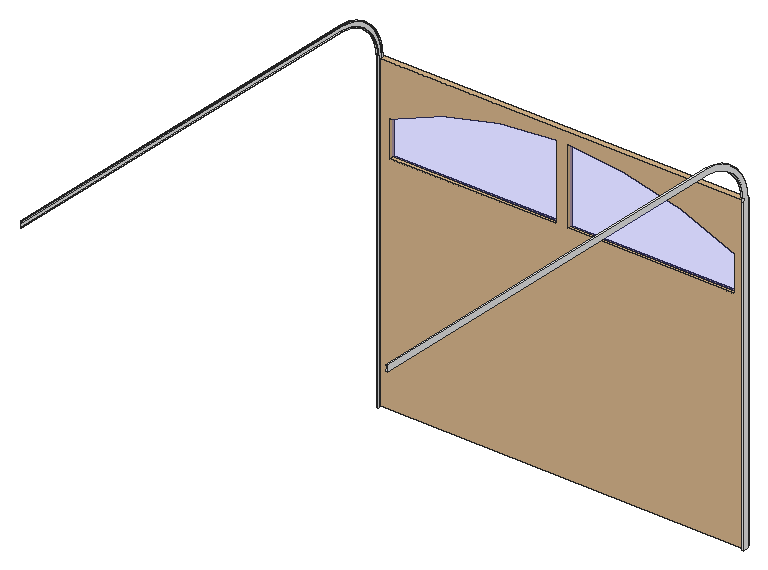
Revit family
Parameters (values of type "7Ft H x 8Ft W")
  Track Width = Width + 0' 2"  # 8' - 2"
  Track Height = Height + 1' 0"  # 8' - 0"
  Track Depth = 10' - 0"
  Track = Metal
  SmartBIM Object Version = 1  # constant formula
  SmartBIM Object Created By = "Reed Construction Data"  # constant formula
  Rough Width = 0' - 0"
  Rough Height = 0' - 0"
  Panel Thickness = 0' - 1 1/2"
  Manufacturer = ""
  Height = 7' - 0"
  Wall Closure = (empty or 0)
  Width = 8' - 0"
  Door Glass = Glass
  Door = Wood
  95 CSI = "08360"  # constant formula
  04 CSI = "08 36 13"  # constant formula
Types (3): name | Track Width | Width
  (no name) | 8' - 2" | 8' - 0"
  7Ft H x 8Ft W | 8' - 2" | 8' - 0"
  7Ft H x 16Ft W | 16' - 2" | 16' - 0"
Reference planes (in)
  plane 1 "Center (Front/Back)": y = 0
  plane 2 "Center (Left/Right)": x = 0
  plane 3 "Left": x = -48
  plane 4 "Right": x = 48
  plane 5 "Top": z = 84
  plane 6: x = -49
  plane 7: x = 49
  plane 8: y = -3.25
  plane 9: z = 60.75
  plane 10: z = 20.25
  plane 11: z = 40.5
  plane 12: z = 81
  plane 13: y = -2.5
  plane 14 "Ext": y = -3.25
  plane 15: y = -2.5
  plane 16 "Int": y = -1.75
  plane 17: x = 1.5
  plane 18: y = -2.5
Forms (in)
  Extrusion 1, solid, material "Wood" <- "Door"
    sketch origin (0, 0, 0) x (1, 0, 0) y (0, 0, 1)
      loop
        line (-49, 84) -> (-49, 0) -> (49, 0) -> (49, 84) -> (-49, 84)
      loop
        line (46.5, 60.75) -> (46.5, 70.375)
        arc (46.5, 70.375) -> (24.58094, 78.14796) -> (1.5, 81) r 106.97008
        line (1.5, 81) -> (1.5, 60.75) -> (46.5, 60.75)
      loop
        line (-46.5, 70.375) -> (-46.5, 60.75) -> (-1.5, 60.75) -> (-1.5, 81)
        arc (-1.5, 81) -> (-24.58094, 78.14796) -> (-46.5, 70.375) r 106.97008
    from 1.75 to 3.25
  Extrusion 2, solid, material "Glass" <- "Door Glass"
    sketch origin (0, -3.25, 0) x (1, 0, 0) y (0, 0, 1)
      loop
        line (-46.5, 70.375) -> (-46.5, 60.75) -> (-1.5, 60.75) -> (-1.5, 81)
        arc (-1.5, 81) -> (-24.58094, 78.14796) -> (-46.5, 70.375) r 106.97008
      loop
        line (1.5, 81) -> (1.5, 60.75) -> (46.5, 60.75) -> (46.5, 70.375)
        arc (46.5, 70.375) -> (24.58094, 78.14796) -> (1.5, 81) r 106.97008
    from -0.875 to -0.625
Lines and regions (in)
  Opening 1
    outline origin (-90, -1.75, 0) x (1, 0, 0) y (0, 0, 1)
      loop
        line (42, 0) -> (138, 0) -> (138, 84) -> (42, 84) -> (42, 0)
  model lines
    curve 1: line (1.5, -3.25, 42) -> (46.5, -3.25, 42)
    curve 2: line (46.5, -3.25, 42) -> (46.5, -3.25, 59.25)
    curve 3: line (46.5, -3.25, 59.25) -> (1.5, -3.25, 59.25)
    curve 4: line (45, -3.25, 57.75) -> (3, -3.25, 57.75)
    curve 5: line (3, -3.25, 43.5) -> (45, -3.25, 43.5)
    curve 6: line (45, -3.25, 43.5) -> (45, -3.25, 57.75)
    curve 7: line (-1.5, -3.25, 59.25) -> (-1.5, -3.25, 42)
    curve 8: line (-46.5, -3.25, 59.25) -> (-46.5, -3.25, 42)
    curve 9: line (-46.5, -3.25, 42) -> (-1.5, -3.25, 42)
    curve 10: line (-1.5, -3.25, 59.25) -> (-46.5, -3.25, 59.25)
    curve 11: line (-3, -3.25, 57.75) -> (-45, -3.25, 57.75)
    curve 12: line (-45, -3.25, 57.75) -> (-45, -3.25, 43.5)
    curve 13: line (-45, -3.25, 43.5) -> (-3, -3.25, 43.5)
    curve 14: line (-46.5, -3.25, 39) -> (-46.5, -3.25, 21.75)
    curve 15: line (-46.5, -3.25, 21.75) -> (-1.5, -3.25, 21.75)
    curve 16: line (-1.5, -3.25, 21.75) -> (-1.5, -3.25, 39)
    curve 17: line (-1.5, -3.25, 39) -> (-46.5, -3.25, 39)
    curve 18: line (-3, -3.25, 37.5) -> (-45, -3.25, 37.5)
    curve 19: line (-45, -3.25, 37.5) -> (-45, -3.25, 23.25)
    curve 20: line (-45, -3.25, 23.25) -> (-3, -3.25, 23.25)
    curve 21: line (-3, -3.25, 23.25) -> (-3, -3.25, 37.5)
    curve 22: line (1.5, -3.25, 39) -> (1.5, -3.25, 21.75)
    curve 23: line (1.5, -3.25, 21.75) -> (46.5, -3.25, 21.75)
    curve 24: line (46.5, -3.25, 21.75) -> (46.5, -3.25, 39)
    curve 25: line (46.5, -3.25, 39) -> (1.5, -3.25, 39)
    curve 26: line (45, -3.25, 37.5) -> (3, -3.25, 37.5)
    curve 27: line (3, -3.25, 37.5) -> (3, -3.25, 23.25)
    curve 28: line (3, -3.25, 23.25) -> (45, -3.25, 23.25)
    curve 29: line (45, -3.25, 23.25) -> (45, -3.25, 37.5)
    curve 30: line (-46.5, -3.25, 1.5) -> (-46.5, -3.25, 18.75)
    curve 31: line (-46.5, -3.25, 18.75) -> (-1.5, -3.25, 18.75)
    curve 32: line (-1.5, -3.25, 18.75) -> (-1.5, -3.25, 1.5)
    curve 33: line (-1.5, -3.25, 1.5) -> (-46.5, -3.25, 1.5)
    curve 34: line (-3, -3.25, 3) -> (-45, -3.25, 3)
    curve 35: line (-45, -3.25, 3) -> (-45, -3.25, 17.25)
    curve 36: line (-45, -3.25, 17.25) -> (-3, -3.25, 17.25)
    curve 37: line (-3, -3.25, 17.25) -> (-3, -3.25, 3)
    curve 38: line (46.5, -3.25, 1.5) -> (46.5, -3.25, 18.75)
    curve 39: line (46.5, -3.25, 18.75) -> (1.5, -3.25, 18.75)
    curve 40: line (1.5, -3.25, 18.75) -> (1.5, -3.25, 1.5)
    curve 41: line (1.5, -3.25, 1.5) -> (46.5, -3.25, 1.5)
    curve 42: line (3, -3.25, 3) -> (45, -3.25, 3)
    curve 43: line (45, -3.25, 3) -> (45, -3.25, 17.25)
    curve 44: line (45, -3.25, 17.25) -> (3, -3.25, 17.25)
    curve 45: line (3, -3.25, 17.25) -> (3, -3.25, 3)
    curve 46: line (1.5, -1.75, 42) -> (46.5, -1.75, 42)
    curve 47: line (46.5, -1.75, 42) -> (46.5, -1.75, 59.25)
    curve 48: line (46.5, -1.75, 59.25) -> (1.5, -1.75, 59.25)
    curve 49: line (45, -1.75, 57.75) -> (3, -1.75, 57.75)
    curve 50: line (3, -1.75, 43.5) -> (45, -1.75, 43.5)
    curve 51: line (45, -1.75, 43.5) -> (45, -1.75, 57.75)
    curve 52: line (-1.5, -1.75, 59.25) -> (-1.5, -1.75, 42)
    curve 53: line (-46.5, -1.75, 59.25) -> (-46.5, -1.75, 42)
    curve 54: line (-46.5, -1.75, 42) -> (-1.5, -1.75, 42)
    curve 55: line (-1.5, -1.75, 59.25) -> (-46.5, -1.75, 59.25)
    curve 56: line (-3, -1.75, 57.75) -> (-45, -1.75, 57.75)
    curve 57: line (-45, -1.75, 57.75) -> (-45, -1.75, 43.5)
    curve 58: line (-45, -1.75, 43.5) -> (-3, -1.75, 43.5)
    curve 59: line (-46.5, -1.75, 39) -> (-46.5, -1.75, 21.75)
    curve 60: line (-46.5, -1.75, 21.75) -> (-1.5, -1.75, 21.75)
    curve 61: line (-1.5, -1.75, 21.75) -> (-1.5, -1.75, 39)
    curve 62: line (-1.5, -1.75, 39) -> (-46.5, -1.75, 39)
    curve 63: line (-3, -1.75, 37.5) -> (-45, -1.75, 37.5)
    curve 64: line (-45, -1.75, 37.5) -> (-45, -1.75, 23.25)
    curve 65: line (-45, -1.75, 23.25) -> (-3, -1.75, 23.25)
    curve 66: line (-3, -1.75, 23.25) -> (-3, -1.75, 37.5)
    curve 67: line (1.5, -1.75, 39) -> (1.5, -1.75, 21.75)
    curve 68: line (1.5, -1.75, 21.75) -> (46.5, -1.75, 21.75)
    curve 69: line (46.5, -1.75, 21.75) -> (46.5, -1.75, 39)
    curve 70: line (46.5, -1.75, 39) -> (1.5, -1.75, 39)
    curve 71: line (45, -1.75, 37.5) -> (3, -1.75, 37.5)
    curve 72: line (3, -1.75, 37.5) -> (3, -1.75, 23.25)
    curve 73: line (3, -1.75, 23.25) -> (45, -1.75, 23.25)
    curve 74: line (45, -1.75, 23.25) -> (45, -1.75, 37.5)
    curve 75: line (-46.5, -1.75, 1.5) -> (-46.5, -1.75, 18.75)
    curve 76: line (-46.5, -1.75, 18.75) -> (-1.5, -1.75, 18.75)
    curve 77: line (-1.5, -1.75, 18.75) -> (-1.5, -1.75, 1.5)
    curve 78: line (-1.5, -1.75, 1.5) -> (-46.5, -1.75, 1.5)
    curve 79: line (-3, -1.75, 3) -> (-45, -1.75, 3)
    curve 80: line (-45, -1.75, 3) -> (-45, -1.75, 17.25)
    curve 81: line (-45, -1.75, 17.25) -> (-3, -1.75, 17.25)
    curve 82: line (-3, -1.75, 17.25) -> (-3, -1.75, 3)
    curve 83: line (46.5, -1.75, 1.5) -> (46.5, -1.75, 18.75)
    curve 84: line (46.5, -1.75, 18.75) -> (1.5, -1.75, 18.75)
    curve 85: line (1.5, -1.75, 18.75) -> (1.5, -1.75, 1.5)
    curve 86: line (1.5, -1.75, 1.5) -> (46.5, -1.75, 1.5)
    curve 87: line (3, -1.75, 3) -> (45, -1.75, 3)
    curve 88: line (45, -1.75, 3) -> (45, -1.75, 17.25)
    curve 89: line (45, -1.75, 17.25) -> (3, -1.75, 17.25)
    curve 90: line (3, -1.75, 17.25) -> (3, -1.75, 3)
    curve 91: line (1.5, -1.75, 59.25) -> (1.5, -1.75, 42)
    curve 92: line (3, -1.75, 57.75) -> (3, -1.75, 43.5)
    curve 93: line (-3, -1.75, 43.5) -> (-3, -1.75, 57.75)
    curve 94: line (-3, -3.25, 43.5) -> (-3, -3.25, 57.75)
    curve 95: line (1.5, -3.25, 42) -> (1.5, -3.25, 59.25)
    curve 96: line (3, -3.25, 57.75) -> (3, -3.25, 43.5)
Text (in)
  text "Exterior" at (-74.96733, 27.31104, 0), in view "Ref. Level"
  text "Interior" at (-76.69036, -30.31274, 0), in view "Ref. Level"
  text "Exterior" at (0, 40.15149, 123.01588), in view "Right"
  text "Interior" at (0, -64.39139, 123.01588), in view "Right"
  text "Interior" at (0, -31.01599, 123.00693), in view "Left"
  text "Exterior" at (0, 54.57065, 123.00693), in view "Left"
Dimensions and locks (in)
  equal spacing: plane 3 "Left", plane 2 "Center (Left/Right)", plane 4 "Right"
  "Height": level to plane 5 "Top"
  "Width": plane 3 "Left" to plane 4 "Right"
  locked: plane 6 to plane 3 "Left" at 1
  locked: plane 4 "Right" to plane 7 at 1
  locked: plane 12 to plane 5 "Top" at 3
  equal spacing: level, plane 10, plane 11, plane 9, plane 12
  host wall to plane 13 to plane 8 = 0' - 0 3/4", 0' - 0 3/4"
  curve 6 to curve 2 to plane 4 "Right" = 0' - 1 1/2" locked, 0' - 1 1/2" locked
  curve 4 to curve 3 to plane 9 = 0' - 1 1/2" locked, 0' - 1 1/2" locked
  plane 11 to curve 1 to curve 5 = 0' - 1 1/2" locked, 0' - 1 1/2" locked
  plane 3 "Left" to curve 8 to curve 12 = 0' - 1 1/2" locked, 0' - 1 1/2" locked
  plane 11 to curve 17 to curve 18 = 0' - 1 1/2" locked, 0' - 1 1/2" locked
  curve 20 to curve 15 to plane 10 = 0' - 1 1/2" locked, 0' - 1 1/2" locked
  plane 10 to curve 31 to curve 36 = 0' - 1 1/2" locked, 0' - 1 1/2" locked
  curve 34 to curve 33 to level = 0' - 1 1/2" locked, 0' - 1 1/2" locked
  equal spacing: plane 14 "Ext", plane 15, plane 16 "Int"
  locked: curve 51 to curve 47 at 1.5
  locked: curve 49 to curve 48 at 1.5
  locked: curve 46 to curve 50 at 1.5
  locked: curve 53 to curve 57 at 1.5
  locked: curve 62 to curve 63 at 1.5
  locked: curve 65 to curve 60 at 1.5
  locked: curve 76 to curve 81 at 1.5
  locked: curve 79 to curve 78 at 1.5
  "Panel Thickness": plane 16 "Int" to plane 14 "Ext"
  locked: plane 2 "Center (Left/Right)" to plane 17 at 1.5
  locked: curve 93 to curve 52 at 1.5
  locked: plane 2 "Center (Left/Right)" to curve 52 at 1.5
  plane 2 "Center (Left/Right)" to curve 7 to curve 94 = 0' - 1 1/2" locked, 0' - 1 1/2" locked
  locked: curve 95 to curve 96 at 1.5
  locked: plane 12 to Extrusion 1 sketch curve at 0.01052
  locked: Extrusion 1 sketch curve to plane 7 at 2.5
  locked: Extrusion 1 sketch curve to plane 6 at 2.5
  equal spacing: Extrusion 1 sketch curve, plane 2 "Center (Left/Right)", Extrusion 1 sketch curve
  locked: Extrusion 1 sketch curve to Extrusion 1 sketch curve at 3
  locked: Extrusion 1 sketch curve to plane 9 at 9.625  (x2)
  equal spacing: Extrusion 2, plane 18, Extrusion 2
  locked: Extrusion 2 to Extrusion 2 at 0.25
  aligned and locked: plane 3 "Left" to Opening 1 sketch curve
  aligned and locked: plane 5 "Top" to Opening 1 sketch curve  (x2)
  aligned and locked: Opening 1 sketch curve to plane 4 "Right"
  aligned and locked: Opening 1 sketch curve to level
  aligned and locked: Extrusion 1 sketch curve to level
  aligned and locked: Extrusion 1 sketch curve to host wall
  aligned and locked: curve 12 to curve 19
  aligned and locked: curve 8 to curve 14
  aligned and locked: curve 29 to curve 6
  aligned and locked: curve 24 to curve 2
  aligned and locked: curve 30 to curve 14
  aligned and locked: curve 35 to curve 19
  aligned and locked: curve 21 to curve 37
  aligned and locked: curve 16 to curve 32
  aligned and locked: curve 22 to curve 40
  aligned and locked: curve 27 to curve 45
  aligned and locked: curve 43 to curve 29
  aligned and locked: curve 38 to curve 24
  aligned and locked: host wall to plane 16 "Int"
  aligned and locked: plane 14 "Ext" to Extrusion 1
  aligned and locked: Extrusion 1 to host wall
  aligned and locked: curve 67 to plane 17
  aligned and locked: curve 85 to plane 17
  aligned and locked: curve 72 to curve 90
  aligned and locked: curve 61 to curve 52
  aligned and locked: curve 61 to curve 77
  aligned and locked: curve 66 to curve 82
  aligned and locked: curve 21 to curve 94
  aligned and locked: curve 16 to curve 7
  aligned and locked: curve 95 to plane 17
  aligned and locked: plane 17 to curve 22
  aligned and locked: curve 96 to curve 27
  aligned and locked: curve 88 to curve 74
  aligned and locked: curve 74 to curve 51
  aligned and locked: curve 66 to curve 93
  aligned and locked: plane 9 to Extrusion 1 sketch curve  (x2)
  aligned and locked: Extrusion 2 sketch curve to Extrusion 1  (x8)
  aligned and locked: plane 18 to plane 15
  aligned and locked: nested 1 to plane 2 "Center (Left/Right)"
  aligned and locked: plane 15 to nested 1
Automatic sketch dimensions
  curve 55 to plane 3 "Left" = 0' - 1 1/2"
  plane 4 "Right" to curve 88 = 0' - 3"
  curve 83 to curve 88 = 0' - 1 1/2"
  plane 10 to curve 59 = 0' - 1 1/2"
  curve 67 to curve 72 = 0' - 1 1/2"
  plane 11 to curve 52 = 0' - 1 1/2"
  curve 49 to plane 9 = 0' - 3"
  curve 53 to plane 9 = 0' - 1 1/2"
  curve 40 to curve 45 = 0' - 1 1/2"
  plane 10 to curve 22 = 0' - 1 1/2"
  curve 22 to curve 27 = 0' - 1 1/2"
  curve 48 to curve 49 = 0' - 1 1/2"
  plane 11 to curve 46 = 0' - 1 1/2"
  plane 4 "Right" to curve 70 = 0' - 1 1/2"
  curve 67 to plane 11 = 0' - 1 1/2"
  curve 26 to plane 11 = 0' - 3"
  curve 22 to plane 11 = 0' - 1 1/2"
  curve 71 to curve 67 = 0' - 1 1/2"
  curve 38 to plane 10 = 0' - 1 1/2"
  curve 43 to curve 38 = 0' - 1 1/2"
  plane 4 "Right" to curve 86 = 0' - 1 1/2"
  curve 90 to plane 10 = 0' - 3"
  curve 83 to plane 10 = 0' - 1 1/2"
  plane 10 to curve 67 = 0' - 1 1/2"
  level to curve 38 = 0' - 1 1/2"
  curve 84 to curve 89 = 0' - 1 1/2"
  level to curve 86 = 0' - 1 1/2"
  curve 8 to curve 12 = 0' - 1 1/2"
  curve 53 to curve 58 = 0' - 1 1/2"
  curve 12 to plane 9 = 0' - 3"
  curve 10 to plane 9 = 0' - 1 1/2"
  curve 57 to curve 53 = 0' - 1 1/2"
  curve 60 to plane 3 "Left" = 0' - 1 1/2"
  curve 59 to curve 65 = 0' - 1 1/2"
  curve 66 to plane 11 = 0' - 3"
  curve 75 to curve 81 = 0' - 1 1/2"
  curve 80 to plane 10 = 0' - 3"
  curve 76 to plane 3 "Left" = 0' - 1 1/2"
  level to curve 77 = 0' - 1 1/2"
  plane 11 to curve 9 = 0' - 1 1/2"
  curve 91 to plane 17 = 0' - 0"
  Extrusion 1 sketch curve to plane 2 "Center (Left/Right)" = 0' - 0"
  Extrusion 1 sketch curve to Extrusion 1 sketch curve = 0' - 0"  (x2)
  Extrusion 1 sketch curve to plane 6 = 0' - 0"
  Extrusion 1 sketch curve to plane 7 = 0' - 0"
Nested families (in)
  nested 1: "Door Track" at (-0.5, -64, 0), Width <- "Track Width", Height <- "Track Height", Depth <- "Track Depth", type "Door Track"
    with Width 8' - 2", Height 8' - 0", Depth 10' - 0"
Definition of nested family "Door Track"
  Parameters
    Width [instance] = 10' - 0"
    Track = Metal
    Height [instance] = 11' - 0"
    Depth [instance] = 8' - 0"
  Reference planes (in)
    plane 1 "Center (Front/Back)": y = 0
    plane 2: z = 0
    plane 3 "Center (Left/Right)": x = 0.5
    plane 4 "Back": y = 48
    plane 5 "Front": y = -48
    plane 6 "Left": x = -59.5
    plane 7 "Right": x = 60.5
    plane 8 "Top": z = 132
    plane 9 "Center (Up/Down)": z = 66
    plane 10: y = 48.75
    plane 11: y = 49.5
  Forms (in)
    Sweep 1, solid, material "Metal" <- "Track"
      path origin (60.5, 60, 48) x (0, 1, 0) y (0, 0, 1)
        loop
          line (-12, -48) -> (-12, 72)
          arc (-12, 72) -> (-15.51472, 80.48528) -> (-24, 84) r 12
          line (-24, 84) -> (-108, 84)
      profile origin (60.5, -6, 132) x (0, 0, -1) y (1, 0, 0)
        loop
          line (-1.5, 0) -> (-1.375, 0) -> (-1.375, 0.375) -> (-0.125, 0.375) -> (-0.125, 0) -> (0, 0) -> (0, 0.5) -> (-1.5, 0.5) -> (-1.5, 0)
    Sweep 2, solid, material "Metal" <- "Track"
      path origin (-59.5, 60, 48) x (0, 1, 0) y (0, 0, 1)
        loop
          line (-12, -48) -> (-12, 72)
          arc (-12, 72) -> (-15.51472, 80.48528) -> (-24, 84) r 12
          line (-24, 84) -> (-108, 84)
      profile origin (-59.5, -6, 132) x (0, 0, -1) y (1, 0, 0)
        loop
          line (-1.5, 0) -> (-1.5, -0.5) -> (0, -0.5) -> (0, 0) -> (-0.125, 0) -> (-0.125, -0.375) -> (-1.375, -0.375) -> (-1.375, 0) -> (-1.5, 0)
  Dimensions and locks (in)
    equal spacing: plane 6 "Left", plane 3 "Center (Left/Right)", plane 7 "Right"
    "Width": plane 6 "Left" to plane 7 "Right"
    equal spacing: plane 4 "Back", plane 1 "Center (Front/Back)", plane 5 "Front"
    "Depth": plane 4 "Back" to plane 5 "Front"
    "Height": plane 8 "Top" to plane 2
    equal spacing: plane 8 "Top", plane 9 "Center (Up/Down)", level
    locked: Sweep 2 sketch curve to Sweep 2 sketch curve at 0.125  (x3)
    locked: Sweep 2 sketch curve to Sweep 2 sketch curve at 0.5  (x2)
    locked: Sweep 2 sketch curve to Sweep 2 sketch curve at 1.5
    locked: Sweep 1 sketch curve to Sweep 1 sketch curve at 0.5  (x2)
    locked: Sweep 1 sketch curve to Sweep 1 sketch curve at 0.125  (x3)
    locked: Sweep 1 sketch curve to Sweep 1 sketch curve at 1.5
    equal spacing: plane 4 "Back", plane 10, plane 11
    locked: plane 10 to plane 11 at 0.75
    radius of Sweep 1 sketch curve = 1' - 0"
    radius of Sweep 2 sketch curve = 1' - 0"
    aligned and locked: plane 8 "Top" to Sweep 1 sketch curve  (x2)
    aligned and locked: plane 5 "Front" to Sweep 1 sketch curve
    aligned and locked: plane 4 "Back" to Sweep 1 sketch curve
    aligned and locked: plane 4 "Back" to Sweep 2 sketch curve
    aligned and locked: plane 5 "Front" to Sweep 2 sketch curve
    aligned and locked: level to Sweep 2 sketch curve
    aligned and locked: Sweep 2 sketch curve to profile plane  (x2)
    aligned and locked: Sweep 1 sketch curve to profile plane
    aligned and locked: plane 11 to Sweep 1
  Automatic sketch dimensions
    Sweep 1 sketch curve to level = 0' - 0"
    Sweep 2 sketch curve to plane 8 "Top" = 0' - 0"
